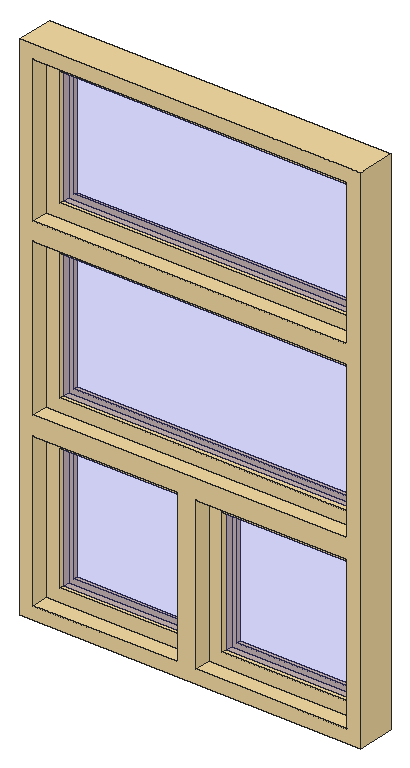
Revit family "6423-COto 62", category Windows, host Wall, Revit 2016
Family settings
  Host = Wall
  OmniClass Number = 23.30.20.00
  OmniClass Title = Windows
  Always vertical = Yes
  Cut with Voids When Loaded = No
  Shared = No
  Room Calculation Point = No
Parameters (values of type "1188x1788mm")
  top 4 [instance] = yes
  top 3 [instance] = yes
  top 2 [instance] = no
  top 1 [instance] = no
  right 4 [instance] = no
  right 2 [instance] = yes
  right 1 [instance] = no
  right 3 [instance] = no
  left 4 [instance] = no
  left 3 [instance] = no
  left 2 [instance] = no
  left 1 [instance] = yes
  Sash 4 [instance] = or(top 4, right 4, left 4)  # yes
  Sash 3 [instance] = or(top 3, right 3, left 3)  # yes
  Sash 2 [instance] = or(top 2, right 2, left 2)  # yes
  Sash 1 [instance] = or(top 1, right 1, left 1)  # yes
  Rough Width = Width + 2 * Joint  # 1212 mm
  Rough Height = Height + 2 * Joint  # 1812 mm
  Offset from wall = 40 mm
  Mullion 3 Placement = 594 mm
  Mullion 1 Placement = 596 mm
  Mullion 2 Placement = 1192 mm
  Manufacturer = "www.kronevinduer.dk"
  Joint = 12 mm
  Height = 1788 mm
  Frame 176mm [instance] = no
  Frame 157mm [instance] = no
  Default Sill Height = 800 mm
  Wall Closure = By host
  Width = 1188 mm
Reference planes
  plane 1 "Center (Front/Back)": y = 0
  plane 2 "Center (Left/Right)": x = 0
  plane 3 "Left": x = -594
  plane 4 "Right": x = 594
  plane 5 "Sill": z = 800
  plane 6 "Head": z = 2588
  plane 7 "Exterior": y = 100
  plane 8 "Interior": y = -100
  plane 9: y = 60
  plane 10: x = 582
  plane 11: x = -582
  plane 12: z = 812
  plane 13: z = 2576
  plane 14: z = 1694
  plane 15: z = 2004
  plane 16: z = 1408
  plane 17: z = 2290
  plane 18: z = 1706
  plane 19: z = 1110
  plane 20: x = -12
  plane 21: x = 285
  plane 22: x = -297
Forms (mm)
  Sweep 1, solid, material "Wood frame"
    path origin (0, 100, 0) x (1, 0, 0) y (0, 0, 1)
      loop
        line (582, 812) -> (582, 2576) -> (-582, 2576) -> (-582, 812) -> (582, 812)
    profile "COto 62 træ-alu,karm- fast glas 45mm : COto 62 træ-alu,karm- fast glas 45mm" origin (0, 100, 812) x (0, 0, -1) y (0, -1, 0)
      loop
        line (0, 170) -> (-45, 170) -> (-45, 99) -> (-27, 99) -> (-27, 51) -> (-45, 51) -> (-45, 40) -> (0, 40) -> (0, 170)
  Sweep 2, solid, material "Wood frame", visible <- "Frame 157mm"
    path origin (0, 100, 0) x (1, 0, 0) y (0, 0, 1)
      loop
        line (582, 812) -> (582, 2576) -> (-582, 2576) -> (-582, 812) -> (582, 812)
    profile "COto 62 træ-alu,karm- fast glas 45mm-157 : COto 62 træ-alu,karm- fast glas 45mm-157" origin (0, 100, 812) x (0, 0, -1) y (0, -1, 0)
      loop
        line (0, 197) -> (-45, 197) -> (-45, 99) -> (-27, 99) -> (-27, 51) -> (-45, 51) -> (-45, 40) -> (0, 40) -> (0, 197)
  Sweep 3, solid, material "Wood frame", visible <- "Frame 176mm"
    path origin (0, 100, 0) x (1, 0, 0) y (0, 0, 1)
      loop
        line (582, 812) -> (582, 2576) -> (-582, 2576) -> (-582, 812) -> (582, 812)
    profile "COto 62 træ-alu,karm- fast glas 45mm-176 : COto 62 træ-alu,karm- fast glas 45mm-176" origin (0, 100, 812) x (0, 0, -1) y (0, -1, 0)
      loop
        line (0, 216) -> (-45, 216) -> (-45, 99) -> (-27, 99) -> (-27, 51) -> (-45, 51) -> (-45, 40) -> (0, 40) -> (0, 216)
  Extrusion 4, solid, material "Glass"
    sketch origin (-594, 0, 0) x (0, -1, 0) y (0, 0, 1)
      loop
        line (-49, 839) -> (-1, 839) -> (-1, 2549) -> (-49, 2549) -> (-49, 839)
    from -1149 to -39
  Sweep 5, solid, material "Wood frame"
    path origin (0, 100, 0) x (1, 0, 0) y (0, 0, 1)
      loop
        line (582, 2004) -> (-582, 2004)
    profile "COto 62 træ-alu, Post-fast glas 63 mm : COto 62 træ-alu, Post-fast glas 63 mm" origin (0, 100, 2004) x (0, 0, -1) y (0, -1, 0)
      loop
        line (31.5, 170) -> (-31.5, 170) -> (-31.5, 99) -> (-13.5, 99) -> (-13.5, 51) -> (-31.5, 51) -> (-31.5, 40) -> (31.5, 40) -> (31.5, 51) -> (13.5, 51) -> (13.5, 99) -> (31.5, 99) -> (31.5, 170)
  Sweep 6, solid, material "Wood frame"
    path origin (0, 100, 0) x (1, 0, 0) y (0, 0, 1)
      loop
        line (582, 1408) -> (-582, 1408)
    profile "COto 62 træ-alu, Post-fast glas 63 mm : COto 62 træ-alu, Post-fast glas 63 mm" origin (0, 100, 1408) x (0, 0, -1) y (0, -1, 0)
      loop
        line (31.5, 170) -> (-31.5, 170) -> (-31.5, 99) -> (-13.5, 99) -> (-13.5, 51) -> (-31.5, 51) -> (-31.5, 40) -> (31.5, 40) -> (31.5, 51) -> (13.5, 51) -> (13.5, 99) -> (31.5, 99) -> (31.5, 170)
  Sweep 7, solid, material "Wood frame", visible <- "Frame 157mm"
    path origin (0, 100, 0) x (1, 0, 0) y (0, 0, 1)
      loop
        line (582, 2004) -> (-582, 2004)
    profile "COto 62 træ-alu, Post-fast glas 63 mm-157 : COto 62 træ-alu, Post-fast glas 63 mm-157" origin (0, 100, 2004) x (0, 0, -1) y (0, -1, 0)
      loop
        line (31.5, 197) -> (-31.5, 197) -> (-31.5, 99) -> (-13.5, 99) -> (-13.5, 51) -> (-31.5, 51) -> (-31.5, 40) -> (31.5, 40) -> (31.5, 51) -> (13.5, 51) -> (13.5, 99) -> (31.5, 99) -> (31.5, 197)
  Sweep 8, solid, material "Wood frame", visible <- "Frame 157mm"
    path origin (0, 100, 0) x (1, 0, 0) y (0, 0, 1)
      loop
        line (582, 1408) -> (-582, 1408)
    profile "COto 62 træ-alu, Post-fast glas 63 mm-157 : COto 62 træ-alu, Post-fast glas 63 mm-157" origin (0, 100, 1408) x (0, 0, -1) y (0, -1, 0)
      loop
        line (31.5, 197) -> (-31.5, 197) -> (-31.5, 99) -> (-13.5, 99) -> (-13.5, 51) -> (-31.5, 51) -> (-31.5, 40) -> (31.5, 40) -> (31.5, 51) -> (13.5, 51) -> (13.5, 99) -> (31.5, 99) -> (31.5, 197)
  Sweep 9, solid, material "Wood frame", visible <- "Frame 176mm"
    path origin (0, 100, 0) x (1, 0, 0) y (0, 0, 1)
      loop
        line (582, 1408) -> (-582, 1408)
    profile "COto 62 træ-alu, Post-fast glas 63 mm-176 : COto 62 træ-alu, Post-fast glas 63 mm-176" origin (0, 100, 1408) x (0, 0, -1) y (0, -1, 0)
      loop
        line (31.5, 216) -> (-31.5, 216) -> (-31.5, 99) -> (-13.5, 99) -> (-13.5, 51) -> (-31.5, 51) -> (-31.5, 40) -> (31.5, 40) -> (31.5, 51) -> (13.5, 51) -> (13.5, 99) -> (31.5, 99) -> (31.5, 216)
  Sweep 10, solid, material "Wood frame", visible <- "Frame 176mm"
    path origin (0, 100, 0) x (1, 0, 0) y (0, 0, 1)
      loop
        line (582, 2004) -> (-582, 2004)
    profile "COto 62 træ-alu, Post-fast glas 63 mm-176 : COto 62 træ-alu, Post-fast glas 63 mm-176" origin (0, 100, 2004) x (0, 0, -1) y (0, -1, 0)
      loop
        line (31.5, 216) -> (-31.5, 216) -> (-31.5, 99) -> (-13.5, 99) -> (-13.5, 51) -> (-31.5, 51) -> (-31.5, 40) -> (31.5, 40) -> (31.5, 51) -> (13.5, 51) -> (13.5, 99) -> (31.5, 99) -> (31.5, 216)
  Sweep 11, solid, material "Wood frame", visible <- "Sash 3"
    path origin (0, 100, 0) x (1, 0, 0) y (0, 0, 1)
      loop
        line (555, 1421.5) -> (555, 1990.5) -> (-555, 1990.5) -> (-555, 1421.5) -> (555, 1421.5)
    profile "COto 62 træ-alu,opluk-ramme : COto 62 træ-alu,opluk-ramme" origin (0, 100, 1421.5) x (0, 0, -1) y (0, -1, 0)
      loop
        line (0, 99) -> (-18, 99) -> (-18, 114) -> (-63, 114) -> (-63, 99) -> (-45, 99) -> (-45, 51) -> (-63, 51) -> (-63, 40) -> (0, 40) -> (0, 99)
  Sweep 12, solid, material "Wood frame", visible <- "Sash 4"
    path origin (0, 100, 0) x (1, 0, 0) y (0, 0, 1)
      loop
        line (555, 2017.5) -> (555, 2549) -> (-555, 2549) -> (-555, 2017.5) -> (555, 2017.5)
    profile "COto 62 træ-alu,opluk-ramme : COto 62 træ-alu,opluk-ramme" origin (0, 100, 2017.5) x (0, 0, -1) y (0, -1, 0)
      loop
        line (0, 99) -> (-18, 99) -> (-18, 114) -> (-63, 114) -> (-63, 99) -> (-45, 99) -> (-45, 51) -> (-63, 51) -> (-63, 40) -> (0, 40) -> (0, 99)
  Sweep 13, solid, material "Wood frame"
    path origin (0, 100, 0) x (1, 0, 0) y (0, 0, 1)
      loop
        line (-12, 812) -> (-12, 1408)
    profile "COto 62 træ-alu, Post-fast glas 63 mm : COto 62 træ-alu, Post-fast glas 63 mm" origin (-12, 100, 1110) x (-1, 0, 0) y (0, -1, 0)
      loop
        line (-31.5, 170) -> (-31.5, 99) -> (-13.5, 99) -> (-13.5, 51) -> (-31.5, 51) -> (-31.5, 40) -> (31.5, 40) -> (31.5, 51) -> (13.5, 51) -> (13.5, 99) -> (31.5, 99) -> (31.5, 170) -> (-31.5, 170)
  Sweep 14, solid, material "Wood frame", visible <- "Frame 157mm"
    path origin (0, 100, 0) x (1, 0, 0) y (0, 0, 1)
      loop
        line (-12, 812) -> (-12, 1408)
    profile "COto 62 træ-alu, Post-fast glas 63 mm-157 : COto 62 træ-alu, Post-fast glas 63 mm-157" origin (-12, 100, 1110) x (-1, 0, 0) y (0, -1, 0)
      loop
        line (31.5, 197) -> (-31.5, 197) -> (-31.5, 99) -> (-13.5, 99) -> (-13.5, 51) -> (-31.5, 51) -> (-31.5, 40) -> (31.5, 40) -> (31.5, 51) -> (13.5, 51) -> (13.5, 99) -> (31.5, 99) -> (31.5, 197)
  Sweep 15, solid, material "Wood frame", visible <- "Frame 176mm"
    path origin (0, 100, 0) x (1, 0, 0) y (0, 0, 1)
      loop
        line (-12, 812) -> (-12, 1408)
    profile "COto 62 træ-alu, Post-fast glas 63 mm-176 : COto 62 træ-alu, Post-fast glas 63 mm-176" origin (-12, 100, 1110) x (-1, 0, 0) y (0, -1, 0)
      loop
        line (31.5, 216) -> (-31.5, 216) -> (-31.5, 99) -> (-13.5, 99) -> (-13.5, 51) -> (-31.5, 51) -> (-31.5, 40) -> (31.5, 40) -> (31.5, 51) -> (13.5, 51) -> (13.5, 99) -> (31.5, 99) -> (31.5, 216)
  Sweep 16, solid, material "Wood frame", visible <- "Sash 1"
    path origin (0, 100, 0) x (1, 0, 0) y (0, 0, 1)
      loop
        line (555, 839) -> (555, 1394.5) -> (1.5, 1394.5) -> (1.5, 839) -> (555, 839)
    profile "COto 62 træ-alu,opluk-ramme : COto 62 træ-alu,opluk-ramme" origin (278.25, 100, 839) x (0, 0, -1) y (0, -1, 0)
      loop
        line (0, 99) -> (-18, 99) -> (-18, 114) -> (-63, 114) -> (-63, 99) -> (-45, 99) -> (-45, 51) -> (-63, 51) -> (-63, 40) -> (0, 40) -> (0, 99)
  Sweep 17, solid, material "Wood frame", visible <- "Sash 2"
    path origin (0, 100, 0) x (1, 0, 0) y (0, 0, 1)
      loop
        line (-25.5, 839) -> (-25.5, 1394.5) -> (-555, 1394.5) -> (-555, 839) -> (-25.5, 839)
    profile "COto 62 træ-alu,opluk-ramme : COto 62 træ-alu,opluk-ramme" origin (-290.25, 100, 839) x (0, 0, -1) y (0, -1, 0)
      loop
        line (0, 99) -> (-18, 99) -> (-18, 114) -> (-63, 114) -> (-63, 99) -> (-45, 99) -> (-45, 51) -> (-63, 51) -> (-63, 40) -> (0, 40) -> (0, 99)
Cuts and joins
  joined: Sweep 1, Sweep 5, Sweep 6, Sweep 13
  joined: Sweep 2, Sweep 7, Sweep 8, Sweep 14
  joined: Sweep 3, Sweep 9, Sweep 10, Sweep 15
Lines and regions (mm)
  Opening 1
    outline origin (3500, -100, 0) x (1, 0, 0) y (0, 0, 1)
      loop
        line (-2906, 800) -> (-2906, 2588) -> (-4094, 2588) -> (-4094, 800) -> (-2906, 800)
  symbolic lines
    curve 1: line (555, 100, 2549) -> (555, 100, 2302)
  symbolic lines, visible <- "top 4"
    curve 2: line (555, 100, 2549) -> (0, 100, 2017.5)
    curve 3: line (0, 100, 2017.5) -> (-555, 100, 2549)
  symbolic lines, visible <- "top 3"
    curve 4: line (555, 100, 1990.5) -> (0, 100, 1421.5)
    curve 5: line (0, 100, 1421.5) -> (-555, 100, 1990.5)
  symbolic lines, visible <- "left 4"
    curve 6: line (555, 100, 2549) -> (-555, 100, 2290)
    curve 7: line (-555, 100, 2290) -> (555, 100, 2017.5)
  symbolic lines, visible <- "right 4"
    curve 8: line (-555, 100, 2549) -> (555, 100, 2290)
    curve 9: line (555, 100, 2290) -> (-555, 100, 2017.5)
  symbolic lines, visible <- "left 3"
    curve 10: line (555, 100, 1990.5) -> (-555, 100, 1706)
    curve 11: line (-555, 100, 1706) -> (555, 100, 1421.5)
  symbolic lines, visible <- "right 3"
    curve 12: line (-555, 100, 1990.5) -> (555, 100, 1706)
    curve 13: line (555, 100, 1706) -> (-555, 100, 1421.5)
  symbolic lines, visible <- "top 1"
    curve 14: line (555, 100, 1394.5) -> (285, 100, 839)
    curve 15: line (285, 100, 839) -> (1.5, 100, 1394.5)
  symbolic lines, visible <- "top 2"
    curve 16: line (-25.5, 100, 1394.5) -> (-297, 100, 839)
    curve 17: line (-297, 100, 839) -> (-555, 100, 1394.5)
  symbolic lines, visible <- "right 1"
    curve 18: line (1.5, 100, 1394.5) -> (555, 100, 1110)
    curve 19: line (555, 100, 1110) -> (1.5, 100, 839)
  symbolic lines, visible <- "right 2"
    curve 20: line (-555, 100, 1394.5) -> (-25.5, 100, 1110)
    curve 21: line (-25.5, 100, 1110) -> (-555, 100, 839)
  symbolic lines, visible <- "left 1"
    curve 22: line (555, 100, 1394.5) -> (1.5, 100, 1110)
    curve 23: line (1.5, 100, 1110) -> (555, 100, 839)
  symbolic lines, visible <- "left 2"
    curve 24: line (-25.5, 100, 1394.5) -> (-555, 100, 1110)
    curve 25: line (-555, 100, 1110) -> (-25.5, 100, 839)
Text (mm)
  text "EXTERIOR" at (-1963.203, 1332.353, 0), in view "Ref. Level"
  text "INTERIOR" at (-1981.466, -818.386, 0), in view "Ref. Level"
  text "Exterior" at (0, 923.751, 2943.296), in view "Right"
  text "Exterior" at (0, 1040.484, 2685.409), in view "Left"
Dimensions and locks
  equal spacing: plane 3 "Left", plane 2 "Center (Left/Right)", plane 4 "Right"
  "Width": plane 3 "Left" to plane 4 "Right"
  "Height": plane 5 "Sill" to plane 6 "Head"
  "Default Sill Height": plane 5 "Sill" to level
  locked: plane 7 "Exterior" to host wall at 0
  locked: plane 8 "Interior" to host wall
  "Joint": plane 13 to plane 6 "Head"
  "Joint": plane 5 "Sill" to plane 12
  "Joint": plane 3 "Left" to plane 11
  "Joint": plane 10 to plane 4 "Right"
  "Offset from wall": plane 9 to plane 7 "Exterior"
  equal spacing: plane 12, plane 14, plane 13
  "Mullion 1 Placement": plane 12 to plane 16
  equal spacing: plane 15, plane 17, plane 13
  equal spacing: plane 16, plane 18, plane 15
  equal spacing: plane 12, plane 19, plane 16
  "Mullion 2 Placement": plane 12 to plane 15
  "Mullion 3 Placement": plane 20 to plane 10
  equal spacing: plane 20, plane 21, plane 10
  equal spacing: plane 11, plane 22, plane 20
  aligned and locked: plane 12 to Sweep 1 sketch curve
  aligned and locked: plane 10 to Sweep 1 sketch curve
  aligned and locked: Sweep 1 sketch curve to plane 13
  aligned and locked: Sweep 1 sketch curve to plane 11
  aligned and locked: Extrusion 4 sketch curve to Sweep 1  (x2)
  aligned and locked: Extrusion 4 to Sweep 1  (x4)
  aligned and locked: Sweep 11 sketch curve to cut or joined group of Sweep 1, Sweep 5, Sweep 6, Sweep 13
  aligned and locked: cut or joined group of Sweep 1, Sweep 5, Sweep 6, Sweep 13 to Sweep 11 sketch curve  (x3)
  aligned and locked: Sweep 12 sketch curve to cut or joined group of Sweep 1, Sweep 5, Sweep 6, Sweep 13  (x2)
  aligned and locked: Sweep 12 sketch curve to Extrusion 4  (x2)
  aligned and locked: Sweep 16 sketch curve to Extrusion 4  (x2)
  aligned and locked: cut or joined group of Sweep 1, Sweep 5, Sweep 6, Sweep 13 to Sweep 16 sketch curve
  aligned and locked: Sweep 16 sketch curve to cut or joined group of Sweep 1, Sweep 5, Sweep 6, Sweep 13
  aligned and locked: cut or joined group of Sweep 1, Sweep 5, Sweep 6, Sweep 13 to Sweep 17 sketch curve
  aligned and locked: Sweep 17 sketch curve to cut or joined group of Sweep 1, Sweep 5, Sweep 6, Sweep 13  (x3)
Automatic sketch dimensions
  Opening 1 sketch curve to plane 3 "Left" = 0 mm
  Opening 1 sketch curve to plane 4 "Right" = 0 mm
  Opening 1 sketch curve to plane 5 "Sill" = 0 mm
  Opening 1 sketch curve to plane 6 "Head" = 0 mm
  plane 11 to Sweep 2 sketch curve = 0 mm
  plane 10 to Sweep 2 sketch curve = 0 mm
  Sweep 2 sketch curve to plane 12 = 0 mm
  Sweep 2 sketch curve to plane 13 = 0 mm
  plane 11 to Sweep 3 sketch curve = 0 mm
  plane 10 to Sweep 3 sketch curve = 0 mm
  Sweep 3 sketch curve to plane 12 = 0 mm
  Sweep 3 sketch curve to plane 13 = 0 mm
  Extrusion 4 sketch curve to plane 5 "Sill" = 39 mm
  plane 6 "Head" to Extrusion 4 sketch curve = 39 mm
  plane 11 to Sweep 5 sketch curve = 0 mm
  plane 10 to Sweep 5 sketch curve = 0 mm
  Sweep 5 sketch curve to plane 15 = 0 mm
  plane 11 to Sweep 6 sketch curve = 0 mm
  plane 10 to Sweep 6 sketch curve = 0 mm
  Sweep 6 sketch curve to plane 16 = 0 mm
  plane 11 to Sweep 7 sketch curve = 0 mm
  plane 10 to Sweep 7 sketch curve = 0 mm
  Sweep 7 sketch curve to plane 15 = 0 mm
  plane 11 to Sweep 8 sketch curve = 0 mm
  plane 10 to Sweep 8 sketch curve = 0 mm
  Sweep 8 sketch curve to plane 16 = 0 mm
  plane 11 to Sweep 9 sketch curve = 0 mm
  plane 10 to Sweep 9 sketch curve = 0 mm
  Sweep 9 sketch curve to plane 16 = 0 mm
  plane 11 to Sweep 10 sketch curve = 0 mm
  plane 10 to Sweep 10 sketch curve = 0 mm
  Sweep 10 sketch curve to plane 15 = 0 mm
  Sweep 13 sketch curve to plane 16 = 0 mm
  plane 20 to Sweep 13 sketch curve = 0 mm
  Sweep 13 sketch curve to plane 12 = 0 mm
  Sweep 14 sketch curve to plane 16 = 0 mm
  plane 20 to Sweep 14 sketch curve = 0 mm
  Sweep 14 sketch curve to plane 12 = 0 mm
  Sweep 15 sketch curve to plane 16 = 0 mm
  plane 20 to Sweep 15 sketch curve = 0 mm
  Sweep 15 sketch curve to plane 12 = 0 mm
  curve 24 to plane 19 = 0 mm
  curve 11 to plane 18 = 0 mm
  curve 6 to plane 17 = 0 mm
  curve 17 to plane 22 = 0 mm
  plane 2 "Center (Left/Right)" to curve 4 = 0 mm
  plane 2 "Center (Left/Right)" to curve 3 = 0 mm
  curve 21 to plane 19 = 0 mm
  curve 23 to plane 19 = 0 mm
  curve 15 to plane 21 = 0 mm
  curve 13 to plane 18 = 0 mm
  curve 19 to plane 19 = 0 mm
  curve 9 to plane 17 = 0 mm
  curve 8 to plane 11 = 27 mm
  curve 20 to plane 11 = 27 mm
  curve 7 to plane 11 = 27 mm
  curve 5 to plane 11 = 27 mm
  curve 10 to plane 11 = 27 mm
  plane 20 to curve 24 = 13.5 mm
  plane 20 to curve 21 = 13.5 mm
  curve 23 to plane 20 = 13.5 mm
  curve 15 to plane 20 = 13.5 mm
  plane 10 to curve 13 = 27 mm
  plane 10 to curve 10 = 27 mm
  plane 10 to curve 19 = 27 mm
  plane 10 to curve 9 = 27 mm
  plane 10 to curve 6 = 27 mm
  plane 10 to curve 22 = 27 mm
  plane 12 to curve 14 = 27 mm
  plane 12 to curve 17 = 27 mm
  curve 18 to plane 16 = 13.5 mm
  curve 17 to plane 16 = 13.5 mm
  curve 24 to plane 16 = 13.5 mm
  curve 14 to plane 16 = 13.5 mm
  plane 16 to curve 5 = 13.5 mm
  curve 12 to plane 15 = 13.5 mm
  curve 10 to plane 15 = 13.5 mm
  plane 15 to curve 2 = 13.5 mm
  curve 8 to plane 13 = 27 mm
  curve 2 to plane 13 = 27 mm
  curve 21 to plane 11 = 27 mm
  curve 9 to curve 5 = 0 mm
  curve 24 to plane 11 = 27 mm
  curve 13 to curve 17 = 0 mm
  plane 20 to curve 25 = 13.5 mm
  curve 19 to plane 20 = 13.5 mm
  plane 10 to curve 11 = 27 mm
  plane 10 to curve 7 = 27 mm
  plane 10 to curve 23 = 27 mm
  plane 12 to curve 21 = 27 mm
  plane 12 to curve 19 = 27 mm
  plane 12 to curve 23 = 27 mm
  curve 25 to curve 19 = 0 mm
  plane 16 to curve 13 = 13.5 mm
  plane 16 to curve 11 = 13.5 mm
  plane 15 to curve 7 = 13.5 mm
  plane 15 to curve 9 = 13.5 mm
  curve 8 to curve 1 = 12 mm
